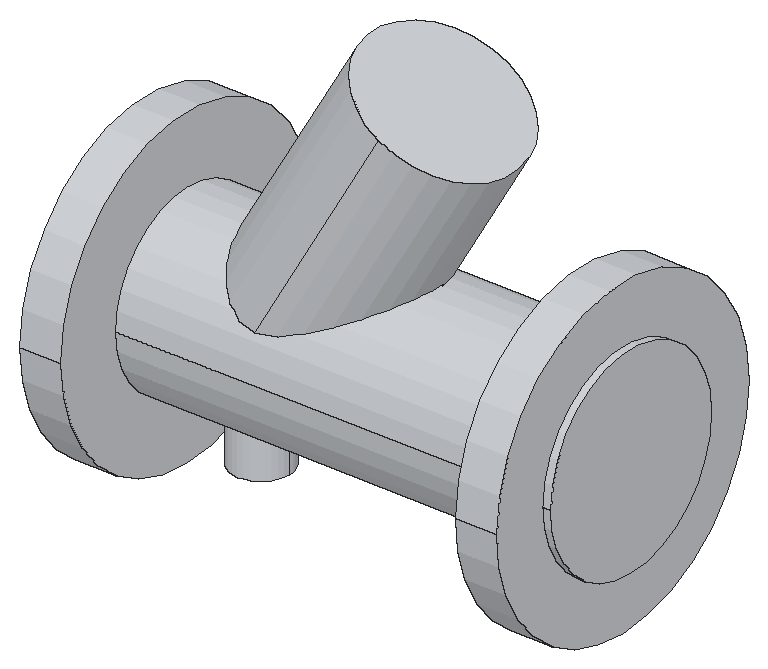
Revit family "HS 821-síto_jemné-PN25-DN065-RFA_2019", category Pipe Accessories, Revit 2019
Family settings
  Round Connector Dimension = Use Diameter
  Part Type = Breaks Into
  Work Plane-Based = No
  Always vertical = Yes
  Cut with Voids When Loaded = No
  Shared = No
Parameters (values of type "821D-DN065-PN25-síto_jemné")
  magiProductId = "767b0f8318e94750bc7a9930ed5b30"
  magiProductFamilyId = "79214ac3aaa945e397802f559f5c1e"
  magiPartTypeId = 307
  isMeasuringValve [instance] = no
  ang2D [instance] = 0.00°
  ZB__ve = -ZB  # -29.75 mm
  ZB1 = 47.79 mm
  ZB = 29.75 mm
  X2 = 86.927 mm
  X1 = 40.6 mm
  W2D = 15 mm
  VersionID = "2.0/2017.9.26.1/ZETKAMA_821_001"
  Use Minimum Symbol Size [instance] = yes
  URL = "www.hydronic.cz"
  Type Comments = "Filtr přírubový; síto jemné; A-PN16 (-10~300°C); D-PN25 (-10~350°C); F-PN40 (-10~400°C)"
  S = 118 mm
  QmdConnectorList = "301;D;302;D"
  Productdata [instance] = ""
  Manufacturer = "Hydronic Systems Prague s.r.o."
  MC Product Code = "210 265 (821D; DN065; PN25; kvs95,1; oko síta 0,63mm)"
  LM1 = 23.2 mm
  LM = 232 mm
  L4 = 72.5 mm
  L2D_Min = 3048 mm
  L2D = 130 mm
  L2 = 145 mm
  HH2 = 150.562 mm
  FD = 185 mm
  Description = "Filtr přírubový; síto jemné; 821A-PN16; 821D-PN25; 821F-PN40"
  DM1 = 94.2 mm
  DM = 106.2 mm
  D = 65 mm
  CC = 4.93 mm
  CAT0 = yes
  C1 = 24.07 mm
  C = 29 mm
  BD = 33.453 mm
Types (40, lengths in mm): name | magiProductId | ZB__ve | ZB1 | ZB | X2 | X1 | S | MC Product Code | LM1 | LM | L4 | L2 | HH2 | FD | DM1 | DM | D | CC | C1 | C | BD
  821A-DN015-PN16-síto_jemné | "a71bcfe8b393460598b23e8ddf7dc5" | -16.25 | 18.63 | 16.25 | 46.982 | 18.2 | 46 | "210 115 (821A; DN015; PN16; kvs6,2; oko síta 0,63mm)" | 10.4 | 104 | 32.5 | 65 | 81.375 | 95 | 27.6 | 41.4 | 15 | 2.21 | 10.79 | 13 | 13.041
  821A-DN020-PN16-síto_jemné | "41cd6c7a12924f4991217528336076" | -17.75 | 22.68 | 17.75 | 51.673 | 21 | 56 | "210 120 (821A; DN020; PN16; kvs9,6; oko síta 0,63mm)" | 12 | 120 | 37.5 | 75 | 89.5 | 105 | 33.6 | 50.4 | 20 | 2.55 | 12.45 | 15 | 15.876
  821A-DN025-PN16-síto_jemné | "be378b463ed14c3abf4c9b3ae8cf3a" | -19.25 | 26.325 | 19.25 | 58.601 | 22.4 | 65 | "210 125 (821A; DN025; PN16; kvs14,2; oko síta 0,63mm)" | 12.8 | 128 | 40 | 80 | 101.5 | 115 | 43.2 | 58.5 | 25 | 2.72 | 13.28 | 16 | 18.427
  821A-DN032-PN16-síto_jemné | "227a0d18b21540afabe8b6067d35fa" | -23 | 30.78 | 23 | 68.849 | 25.2 | 76 | "210 132 (821A; DN032; PN16; kvs23,1; oko síta 0,63mm)" | 14.4 | 144 | 45 | 90 | 119.25 | 140 | 50.4 | 68.4 | 32 | 3.06 | 14.94 | 18 | 21.546
  821A-DN040-PN16-síto_jemné | "d106917c74724141a10440112d0102" | -24.5 | 34.02 | 24.5 | 75.777 | 28 | 84 | "210 140 (821A; DN040; PN16; kvs36,6; oko síta 0,63mm)" | 16 | 160 | 50 | 100 | 131.25 | 150 | 60 | 75.6 | 40 | 3.4 | 16.6 | 20 | 23.814
  821A-DN050-PN16-síto_jemné | "8255d456a09e4f6486734f5dd9171b" | -26.75 | 40.095 | 26.75 | 79.061 | 32.2 | 99 | "210 150 (821A; DN050 PN16; kvs53,7; oko síta 0,63mm)" | 18.4 | 184 | 57.5 | 115 | 136.938 | 165 | 73.8 | 89.1 | 50 | 3.91 | 19.09 | 23 | 28.066
  821A-DN065-PN16-síto_jemné | "235b1b3e4c0843779a4d5e3716d40a" | -29.75 | 47.79 | 29.75 | 86.927 | 40.6 | 118 | "210 165 (821A; DN065; PN16; kvs95,1; oko síta 0,63mm)" | 23.2 | 232 | 72.5 | 145 | 150.562 | 185 | 94.2 | 106.2 | 65 | 4.93 | 24.07 | 29 | 33.453
  821A-DN080-PN16-síto_jemné | "a067f7c5236348ed8c820d16df7214" | -32 | 53.46 | 32 | 104.753 | 43.4 | 132 | "210 180 (821A; DN080; PN16; kvs137,1; oko síta 0,63mm)" | 24.8 | 248 | 77.5 | 155 | 181.438 | 200 | 107.4 | 118.8 | 80 | 5.27 | 25.73 | 31 | 37.422
  821A-DN100-PN16-síto_jemné | "c49a648c2747461285837d643703cd" | -35 | 63.18 | 35 | 114.857 | 49 | 156 | "210 190 (821A; DN100; PN16; kvs206,4; oko síta 0,63mm)" | 28 | 280 | 87.5 | 175 | 198.937 | 220 | 131.4 | 140.4 | 100 | 5.95 | 29.05 | 35 | 44.226
  821A-DN125-PN16-síto_jemné | "bf68e728a163493cbd2a663b26ebdc" | -39.5 | 74.52 | 39.5 | 131.888 | 56 | 184 | "210 191 (821A; DN125; PN16; kvs268,8; oko síta 0,63mm)" | 32 | 320 | 100 | 200 | 228.438 | 250 | 165 | 165.6 | 125 | 6.8 | 33.2 | 40 | 52.164
  821A-DN150-PN16-síto_jemné | "2de770284b654863ae6bc865769dc5" | -44.75 | 85.455 | 44.75 | 155.885 | 67.2 | 211 | "210 192 (821A; DN150; PN16; kvs401,4; oko síta 0,63mm)" | 38.4 | 384 | 120 | 240 | 270 | 285 | 192 | 189.9 | 150 | 8.16 | 39.84 | 48 | 59.818
  821A-DN200-PN16-síto_jemné | "8e5693371ab64aabb29a7f08c76e15" | -53 | 107.73 | 53 | 188.361 | 84 | 266 | "210 193 (821A; DN200; PN16; kvs706,7; oko síta 0,63mm)" | 48 | 480 | 150 | 300 | 326.25 | 340 | 252 | 239.4 | 200 | 10.2 | 49.8 | 60 | 75.411
  821A-DN250-PN16-síto_jemné | "05e37ed948c34047acdd4c42556504" | -62.75 | 129.195 | 62.75 | 255.911 | 102.2 | 319 | "210 194 (821A; DN250; PN16; kvs1229,4; oko síta 0,63mm)" | 58.4 | 584 | 182.5 | 365 | 443.25 | 405 | 309.6 | 287.1 | 250 | 12.41 | 60.59 | 73 | 90.436
  821A-DN300-PN16-síto_jemné | "9ad0af747269428da925480d83ce80" | -71 | 149.85 | 71 | 325.914 | 119 | 370 | "210 195 (821A; DN300; PN16; kvs1902,4; oko síta 0,63mm)" | 68 | 680 | 212.5 | 425 | 564.5 | 460 | 369.6 | 333 | 300 | 14.45 | 70.55 | 85 | 104.895
  821A-DN350-PN16-síto_jemné | "eebc71459bb3451bb4355e7951370a" | -80 | 173.745 | 80 | 356.875 | 137.2 | 429 | "200 196 (821A; DN350; PN16; kvs2611,0; oko síta 0,63mm)" | 78.4 | 784 | 245 | 490 | 618.125 | 520 | 438 | 386.1 | 350 | 16.66 | 81.34 | 98 | 121.621
  821A-DN400-PN16-síto_jemné | "d2f677cb196647e385b2590e7d8abe" | -89 | 194.4 | 89 | 392.237 | 154 | 480 | "210 197 (821A; DN400; PN16; kvs3438,4; oko síta 0,63mm)" | 88 | 880 | 275 | 550 | 679.375 | 580 | 498 | 432 | 400 | 18.7 | 91.3 | 110 | 136.08
  821D-DN015-PN25-síto_jemné | "27ddcbf555414f8ca1fde329bf9087" | -16.25 | 18.63 | 16.25 | 46.982 | 18.2 | 46 | "210 215 (821D; DN015; PN25; kvs6,2; oko síta 0,63mm)" | 10.4 | 104 | 32.5 | 65 | 81.375 | 95 | 27.6 | 41.4 | 15 | 2.21 | 10.79 | 13 | 13.041
  821D-DN020-PN25-síto_jemné | "270e0f14012f47189cd0235c18faee" | -17.75 | 22.68 | 17.75 | 51.673 | 21 | 56 | "210 220 (821D; DN020; PN25; kvs9,6; oko síta 0,63mm)" | 12 | 120 | 37.5 | 75 | 89.5 | 105 | 33.6 | 50.4 | 20 | 2.55 | 12.45 | 15 | 15.876
  821D-DN025-PN25-síto_jemné | "b9a7fb4aa36643878c637d8e1ab992" | -19.25 | 26.325 | 19.25 | 58.601 | 22.4 | 65 | "210 225 (821D; DN025; PN25; kvs14,2; oko síta 0,63mm)" | 12.8 | 128 | 40 | 80 | 101.5 | 115 | 43.2 | 58.5 | 25 | 2.72 | 13.28 | 16 | 18.427
  821D-DN032-PN25-síto_jemné | "6be9a55c4e68400f94eec7e804204c" | -23 | 30.78 | 23 | 68.849 | 25.2 | 76 | "210 232 (821D; DN032; PN25; kvs23,1; oko síta 0,63mm)" | 14.4 | 144 | 45 | 90 | 119.25 | 140 | 50.4 | 68.4 | 32 | 3.06 | 14.94 | 18 | 21.546
  821D-DN040-PN25-síto_jemné | "c54511bd7f584ec2984291479612cb" | -24.5 | 34.02 | 24.5 | 75.777 | 28 | 84 | "210 240 (821D; DN040; PN25; kvs36,6; oko síta 0,63mm)" | 16 | 160 | 50 | 100 | 131.25 | 150 | 60 | 75.6 | 40 | 3.4 | 16.6 | 20 | 23.814
  821D-DN050-PN25-síto_jemné | "5483b1f596b04cd39b23a14a22c90e" | -26.75 | 40.095 | 26.75 | 79.061 | 32.2 | 99 | "210 250 (821D; DN050; PN25; kvs53,7; oko síta 0,63mm)" | 18.4 | 184 | 57.5 | 115 | 136.938 | 165 | 73.8 | 89.1 | 50 | 3.91 | 19.09 | 23 | 28.066
  821D-DN065-PN25-síto_jemné | "767b0f8318e94750bc7a9930ed5b30" | -29.75 | 47.79 | 29.75 | 86.927 | 40.6 | 118 | "210 265 (821D; DN065; PN25; kvs95,1; oko síta 0,63mm)" | 23.2 | 232 | 72.5 | 145 | 150.562 | 185 | 94.2 | 106.2 | 65 | 4.93 | 24.07 | 29 | 33.453
  821D-DN080-PN25-síto_jemné | "e21040fa3cc2404b858198f6b73709" | -32 | 53.46 | 32 | 104.753 | 43.4 | 132 | "210 280 (821D; DN080; PN25; kvs137,1; oko síta 0,63mm)" | 24.8 | 248 | 77.5 | 155 | 181.438 | 200 | 107.4 | 118.8 | 80 | 5.27 | 25.73 | 31 | 37.422
  821D-DN100-PN25-síto_jemné | "175ca87a506b40b3bc6b82f12f33cf" | -37.25 | 63.18 | 37.25 | 114.857 | 49 | 156 | "210 290 (821D; DN100; PN25; kvs206,4; oko síta 0,63mm)" | 28 | 280 | 87.5 | 175 | 198.937 | 235 | 131.4 | 140.4 | 100 | 5.95 | 29.05 | 35 | 44.226
  821D-DN125-PN25-síto_jemné | "77cc98d60da24855999a22dff726b2" | -42.5 | 74.52 | 42.5 | 131.888 | 56 | 184 | "210 291 (821D; DN125; PN25; kvs268,8; oko síta 0,63mm)" | 32 | 320 | 100 | 200 | 228.438 | 270 | 165 | 165.6 | 125 | 6.8 | 33.2 | 40 | 52.164
  821D-DN150-PN25-síto_jemné | "9cf8acfcd15547d68e83172d3abcbe" | -47 | 85.455 | 47 | 155.885 | 67.2 | 211 | "210 292 (821D; DN150; PN25; kvs401,4; oko síta 0,63mm)" | 38.4 | 384 | 120 | 240 | 270 | 300 | 192 | 189.9 | 150 | 8.16 | 39.84 | 48 | 59.818
  821D-DN200-PN25-síto_jemné | "16973f3c9ea14389ba8602495a6b64" | -56 | 110.97 | 56 | 188.361 | 84 | 274 | "210 293 (821D; DN200; PN25; kvs706,7; oko síta 0,63mm)" | 48 | 480 | 150 | 300 | 326.25 | 360 | 252 | 246.6 | 200 | 10.2 | 49.8 | 60 | 77.679
  821F-DN015-PN40-síto_jemné | "4c7eaf3c4c0340888b3e684d8a8616" | -16.25 | 18.225 | 16.25 | 46.982 | 18.2 | 45 | "250 615 (821F; DN015; PN40; kvs6,2; oko síta 0,63mm)" | 10.4 | 104 | 32.5 | 65 | 81.375 | 95 | 27.6 | 40.5 | 15 | 2.21 | 10.79 | 13 | 12.757
  821F-DN020-PN40-síto_jemné | "aaac5f1ec96b44d6ba96ac2293d66d" | -17.75 | 23.49 | 17.75 | 51.673 | 21 | 58 | "250 620 (821F; DN020; PN40; kvs9,6; oko síta 0,63mm)" | 12 | 120 | 37.5 | 75 | 89.5 | 105 | 33.6 | 52.2 | 20 | 2.55 | 12.45 | 15 | 16.443
  821F-DN025-PN40-síto_jemné | "504768023968471481789485b54c7e" | -19.25 | 27.54 | 19.25 | 58.601 | 22.4 | 68 | "250 625 (821F; DN025; PN40; kvs14,2; oko síta 0,63mm)" | 12.8 | 128 | 40 | 80 | 101.5 | 115 | 43.2 | 61.2 | 25 | 2.72 | 13.28 | 16 | 19.278
  821F-DN032-PN40-síto_jemné | "165e7f39cf744f329bdf1c400dad12" | -23 | 31.59 | 23 | 68.849 | 25.2 | 78 | "250 632 (821F; DN032; PN40; kvs23,1; oko síta 0,63mm)" | 14.4 | 144 | 45 | 90 | 119.25 | 140 | 50.4 | 70.2 | 32 | 3.06 | 14.94 | 18 | 22.113
  821F-DN040-PN40-síto_jemné | "b8903f952089408fbf3a5a632bab1f" | -24.5 | 35.64 | 24.5 | 75.777 | 28 | 88 | "250 640 (821F; DN040; PN40; kvs36,6; oko síta 0,63mm)" | 16 | 160 | 50 | 100 | 131.25 | 150 | 60 | 79.2 | 40 | 3.4 | 16.6 | 20 | 24.948
  821F-DN050-PN40-síto_jemné | "c451f97266fe48da8f879cb6a2bd44" | -26.75 | 41.31 | 26.75 | 79.061 | 32.2 | 102 | "250 650 (821F; DN050; PN40; kvs53,7; oko síta 0,63mm)" | 18.4 | 184 | 57.5 | 115 | 136.938 | 165 | 73.8 | 91.8 | 50 | 3.91 | 19.09 | 23 | 28.917
  821F-DN065-PN40-síto_jemné | "dc9821e3f9b34e128f6a8c6b34c198" | -29.75 | 49.41 | 29.75 | 86.927 | 40.6 | 122 | "250 665 (821F; DN065; PN40; kvs95,1; oko síta 0,63mm)" | 23.2 | 232 | 72.5 | 145 | 150.562 | 185 | 94.2 | 109.8 | 65 | 4.93 | 24.07 | 29 | 34.587
  821F-DN080-PN40-síto_jemné | "689aa1e260f84cf4994f027a1d86b5" | -32 | 55.89 | 32 | 104.753 | 43.4 | 138 | "250 680 (821F; DN080; PN40; kvs137,1; oko síta 0,63mm)" | 24.8 | 248 | 77.5 | 155 | 181.438 | 200 | 107.4 | 124.2 | 80 | 5.27 | 25.73 | 31 | 39.123
  821F-DN100-PN40-síto_jemné | "8a45d4e8e2ab425f8c432f21d684f3" | -37.25 | 65.61 | 37.25 | 114.857 | 49 | 162 | "250 690 (821F; DN100; PN40; kvs206,4; oko síta 0,63mm)" | 28 | 280 | 87.5 | 175 | 198.937 | 235 | 131.4 | 145.8 | 100 | 5.95 | 29.05 | 35 | 45.927
  821F-DN125-PN40-síto_jemné | "cf073904c006406b8645afa67ea2fc" | -42.5 | 76.14 | 42.5 | 131.888 | 56 | 188 | "250 691 (821F; DN125; PN40; kvs268,8; oko síta 0,63mm)" | 32 | 320 | 100 | 200 | 228.438 | 270 | 165 | 169.2 | 125 | 6.8 | 33.2 | 40 | 53.298
  821F-DN150-PN40-síto_jemné | "0153b9ddabe14992a630484929fdbc" | -47 | 88.29 | 47 | 155.885 | 67.2 | 218 | "250 692 (821F; DN150; PN40; kvs401,4; oko síta 0,63mm)" | 38.4 | 384 | 120 | 240 | 270 | 300 | 192 | 196.2 | 150 | 8.16 | 39.84 | 48 | 61.803
  821F-DN200-PN40-síto_jemné | "7fb3fc01dd8d42428c203e3f8dd4d5" | -56 | 115.425 | 56 | 188.361 | 84 | 285 | "250 693 (821F; DN200; PN40; kvs706,7; oko síta 0,63mm)" | 48 | 480 | 150 | 300 | 326.25 | 360 | 252 | 256.5 | 200 | 10.2 | 49.8 | 60 | 80.797
Reference planes
  plane 1 "Center (Front/Back)": y = 0
  plane 2 "XYPLANE": z = 0
  plane 3 "Center (Left/Right)": x = 0
  plane 4 "109": x = -92.8
  plane 5 "108": x = 116
  plane 6 "107": x = -116
  plane 7 "105": x = 145
  plane 8 "104": x = -145
  plane 9 "103": y = 0
  plane 10 "102": z = 0
  plane 11 "101": x = -140.07
  plane 12 "100": x = 140.07
  plane 13 "11": x = -52.2
  plane 14 "10": z = 150.562
  plane 15 "9": x = 34.727
  plane 16 "5": z = -47.79
  plane 17 "4": x = -72.5
  plane 18 "1": x = 72.5
Forms (mm)
  Extrusion 1, solid, visible <- "CAT0"
    sketch origin (-116, -750, 0) x (0, 1, 0) y (0, 0, 1)
      loop
        circle (750, 0) r 53.1
    from 0 to 232 <- "LM"
  Extrusion 2, solid
    sketch origin (-145, -750, 0) x (0, 1, 0) y (0, 0, 1)
      loop
        circle (750, 0) r 59
    from 0 to 4.93 <- "CC"
  Extrusion 3, solid
    sketch origin (-140.07, -750, 0) x (0, 1, 0) y (0, 0, 1)
      loop
        circle (750, 0) r 92.5
    from 0 to 24.07 <- "C1"
  Extrusion 4, solid
    sketch origin (116, -750, 0) x (0, 1, 0) y (0, 0, 1)
      loop
        circle (750, 0) r 92.5
    from 0 to 24.07 <- "C1"
  Extrusion 5, solid
    sketch origin (140.07, -750, 0) x (0, 1, 0) y (0, 0, 1)
      loop
        circle (750, 0) r 59
    from 0 to 4.93 <- "CC"
  Sweep 6, solid, visible <- "CAT0"
    path origin (750, 0, 0) x (-1, 0, 0) y (0, 0, 1)
      loop
        line (866, 0) -> (802.2, 0) -> (715.273, 150.562)
    profile origin (-116, 0, 0) x (0, 0, -1) y (0, 1, 0)
      loop
        circle (0, 0) r 47.1
  Extrusion 7, solid, visible <- "CAT0"
    sketch origin (-750, 0, -47.79) x (1, 0, 0) y (0, 1, 0)
      loop
        circle (677.5, 0) r 16.726
    from 0 to -29.75 <- "ZB__ve"
  Extrusion 8, solid, visible <- "CAT0"
    sketch origin (-750, 0, -47.79) x (1, 0, 0) y (0, 1, 0)
      loop
        circle (822.5, 0) r 16.726
    from 0 to -29.75 <- "ZB__ve"
  Extrusion 9, solid, not visible
    sketch origin (145, -750, 0) x (0, 1, 0) y (0, 0, 1)
      loop
        circle (750, 0) r 10
    from 0 to -10
  Extrusion 10, solid, not visible
    sketch origin (-145, -750, 0) x (0, 1, 0) y (0, 0, 1)
      loop
        circle (750, 0) r 10
    from 0 to 10
Lines and regions (mm)
  reference lines, not visible
    curve 1: circle (2, 2, 0) r 1 normal (0, 0, 1)
Dimensions and locks
  plane 1 "Center (Front/Back)" to curve 1 = 2 mm
  "LM1": plane 6 "107" to plane 4 "109"
  "LM": plane 6 "107" to plane 5 "108"
  "C": plane 8 "104" to plane 6 "107"
  "L2": plane 3 "Center (Left/Right)" to plane 7 "105"
  "L2": plane 3 "Center (Left/Right)" to plane 8 "104"
  locked: plane 1 "Center (Front/Back)" to plane 9 "103"
  locked: plane 2 "XYPLANE" to plane 10 "102"
  "CC": plane 8 "104" to plane 11 "101"
  "C1": plane 5 "108" to plane 12 "100"
  "X1": plane 4 "109" to plane 13 "11"
  "HH2": plane 2 "XYPLANE" to plane 14 "10"
  "X2": plane 13 "11" to plane 15 "9"
  "ZB1": plane 2 "XYPLANE" to plane 16 "5"
  "L4": plane 8 "104" to plane 17 "4"
  "L2": plane 17 "4" to plane 18 "1"
  Sweep 6 sketch curve to Sweep 6 sketch curve = 0 mm  (x2)
  "DM": diameter of Extrusion 1 sketch curve
  "S": diameter of Extrusion 2 sketch curve
  "FD": diameter of Extrusion 3 sketch curve
  "FD": diameter of Extrusion 4 sketch curve
  "S": diameter of Extrusion 5 sketch curve
  "DM1": diameter of Sweep 6 sketch curve
  "BD": diameter of Extrusion 7 sketch curve
  "BD": diameter of Extrusion 8 sketch curve
  aligned and locked: level to plane 2 "XYPLANE"
  aligned and locked: Extrusion 1 sketch curve to plane 9 "103"
  aligned and locked: plane 10 "102" to Extrusion 1 sketch curve
  aligned and locked: Extrusion 2 sketch curve to plane 9 "103"
  aligned and locked: plane 10 "102" to Extrusion 2 sketch curve
  aligned and locked: Extrusion 3 sketch curve to plane 9 "103"
  aligned and locked: plane 10 "102" to Extrusion 3 sketch curve
  aligned and locked: Extrusion 4 sketch curve to plane 9 "103"
  aligned and locked: plane 10 "102" to Extrusion 4 sketch curve
  aligned and locked: Extrusion 5 sketch curve to plane 9 "103"
  aligned and locked: plane 10 "102" to Extrusion 5 sketch curve
  aligned and locked: Sweep 6 sketch curve to plane 9 "103"
  aligned and locked: plane 10 "102" to Sweep 6 sketch curve  (x3)
  aligned and locked: plane 6 "107" to Sweep 6 sketch curve
  aligned and locked: plane 13 "11" to Sweep 6 sketch curve
  aligned and locked: plane 14 "10" to Sweep 6 sketch curve
  aligned and locked: plane 15 "9" to Sweep 6 sketch curve
  aligned and locked: plane 9 "103" to Extrusion 7 sketch curve
  aligned and locked: plane 17 "4" to Extrusion 7 sketch curve
  aligned and locked: plane 9 "103" to Extrusion 8 sketch curve
  aligned and locked: plane 18 "1" to Extrusion 8 sketch curve
  aligned and locked: Extrusion 9 sketch curve to plane 9 "103"
  aligned and locked: plane 10 "102" to Extrusion 9 sketch curve
  aligned and locked: Extrusion 10 sketch curve to plane 9 "103"
  aligned and locked: plane 10 "102" to Extrusion 10 sketch curve
Automatic sketch dimensions
  plane 1 "Center (Front/Back)" to Extrusion 9 sketch curve = 10 mm
  plane 1 "Center (Front/Back)" to Extrusion 10 sketch curve = 10 mm
  plane 3 "Center (Left/Right)" to curve 1 = 2 mm
  radius of curve 1 = 1 mm
Connectors
  piping at (-145, 0, 0), diameter 65, driven by "D"
    settings: on Extrusion 10, index 1, connector inside diameter 609.6 mm, connector length 0 mm, flow factor 0, pipe flow 0.0 L/s, pressure drop 0.0 Pa, fitting loss kfactor 0, connector angle 0.00°, fixture units 0, engagement length 0 mm, angle of deflection 0.00°, flow configuration 0, flow direction 0, fitting loss method 0, system type 29, joint type 0, gender type 0, connector reference index 2, connector utility 0, adjustable connector no, is connector primary yes, connector description ""
  piping at (145, 0, 0), diameter 65, driven by "D"
    settings: on Extrusion 9, index 2, connector inside diameter 609.6 mm, connector length 0 mm, flow factor 0, pipe flow 0.0 L/s, pressure drop 0.0 Pa, fitting loss kfactor 0, connector angle 0.00°, fixture units 0, engagement length 0 mm, angle of deflection 0.00°, flow configuration 0, flow direction 0, fitting loss method 0, system type 29, joint type 0, gender type 0, connector reference index 1, connector utility 0, adjustable connector no, is connector primary no, connector description ""
